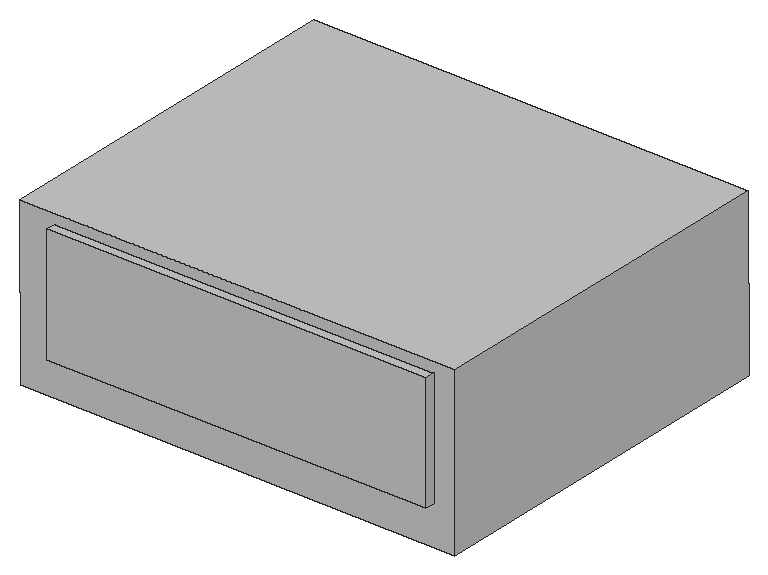
Revit family "Indoor_Unit-VRF-DOAS-8Ton-208_230V", category Mechanical Equipment, Revit 2014
Parameters (values of type "8 Ton - 208V /1PH 60Hz")
  Width = 50"
  Voltage = 208 V
  URL = "http://www.johnsoncontrols.com"
  Type Comments = "8 Ton Unit - 208V"
  Total Static Pressure = 1.06 in-wg
  Supply Air Flow [instance] = 0 CFM
  Supply Air Connection Width = 43 9/16"
  Supply Air Connection Height = 13 7/16"
  Sound Pressure Level = "50 dB"
  Show Clearance [instance] = no
  Return Air Flow [instance] = 0 CFM
  Return Air Connection Width = 43 3/8"
  Return Air Connection Height = 16 7/16"
  Refrigerant Used = "R410A"  # constant formula
  Product Page URL = "http://www.johnsoncontrols.com/content/us/en/products/building_efficiency/products-and-systems/integrated_hvac_systems/Industrial___Commercial_HVAC_Equipment/Variable_Refrigerant_Flow_Systems_.html"
  Product Documentation Link = "http://www.johnsoncontrols.com/~/media/jci/be/united-states/hvac-equipment/variable-refrigerant-flow/files/2016-york-vrf-catalog_050216-final-v5-digital-single-pgs.pdf"
  Power Factor = 1
  Pipe Left Offset Liquid = 2 3/8"
  Pipe Left Offset Gas = 2 9/16"
  Pipe Left Offset Drain = 2 1/2"
  Pipe Height Inset Liquid = 8 11/16"
  Pipe Height Inset Gas = 6 7/8"
  Pipe Height Inset Drain = 7 7/16"
  Pipe Front Inset Liquid = 13 5/8"
  Pipe Front Inset Gas = 9 15/16"
  Pipe Front Inset Drain = 18 7/16"
  Phase = 1
  Nominal Heating Capacity = 60000.0 Btu/h
  Nominal Cooling Capacity = 96000.0 Btu/h
  Net Weight = 247.00 lbf
  Model = "(Y,H)DOA096B21S"
  Minimum Circuit Ampacity = 4.3 A
  Manufacturer = "Johnson Controls Inc."  # constant formula
  Liquid Line Radius = Liquid Connection Diameter / 2  # 3/16"
  Liquid Connection Diameter = 3/8"
  Height = 19 1/8"
  Heating Nominal Input Power = 180 W
  Gas Line Radius = Gas Connection Diameter / 2  # 3/8"
  Gas Connection Diameter = 3/4"
  Full Load Current = 3.4 A
  Frequency = 60 Hz  # constant formula
  Frame Finish = Metal - JCI - Steel - Galvanized - 18ga
  Electrical Box Inset Back = 1 27/32"
  Electrical Box Depth = 8 17/32"
  Drain Pipe Radius = Drain Connection Size / 2  # 5/8"
  Drain Connection Size = 1 1/4"  # constant formula
  Description = "VRF Indoor Unit for Dedicated Outdoor Air System (DOAS)"  # constant formula
  Depth = 44 1/8"
  Copyright © = "2016 Johnson Controls Inc."  # constant formula
  Cooling Nominal Input Power = 180 W
  Clearance Offset Top [instance] = 0"
  Clearance Offset Right [instance] = 23 5/8"
  Clearance Offset Left [instance] = 31 1/2"
  Clearance Offset Front [instance] = 39 3/8"
  Clearance Offset Bottom [instance] = 0"
  Clearance Offset Back [instance] = 39 3/8"
  CTRL Frame Thickness Bottom = 4 1/2"
  Apparent Load = 0 VA
  Air Flow Rate = 1236 CFM
Types (3): name | Voltage | Type Comments | Total Static Pressure | Sound Pressure Level
  (no name) | 208 V | "8 Ton Unit - 208V" | 1.06 in-wg | "50 dB"
  8 Ton - 208V /1PH 60Hz | 208 V | "8 Ton Unit - 208V" | 1.06 in-wg | "50 dB"
  8 Ton - 230V /1PH 60Hz | 230 V | "8 Ton Unit - 230V" | 1.24 in-wg | "51 dB"
Reference planes (in)
  plane 1 "Center (Front/Back)": y = 0
  plane 2: z = 0
  plane 3 "Center (Left/Right)": x = 0
  plane 4 "Back": y = 22.0625
  plane 5 "Front": y = -22.0625
  plane 6 "Left": x = -25
  plane 7 "Right": x = 25
  plane 8 "Bottom": z = 0
  plane 9 "Top": z = 19.125
  plane 10 "Clearance Offset Back": y = 61.4375
  plane 11 "Clearance Offset Front": y = -61.4375
  plane 12 "Clearance Offset Right": x = 48.625
  plane 13 "Clearance Offset Left": x = -56.5
  plane 14 "Clearance Offset Top": z = 19.125
  plane 15 "Clearance Offset Bottom": z = 0
  plane 16 "Electric Box Back": y = 20.21875
  plane 17 "Liquid F/B": y = -8.4375
  plane 18 "Gas F/B": y = -12.125
  plane 19 "Drain  F/B": y = -3.625
  plane 20 "Gas Right": x = 27.5625
  plane 21 "Drain Right": x = 27.5
  plane 22 "Liquid Right": x = 27.375
  plane 23 "Gas T/B": z = 6.875
  plane 24 "Drain T/B": z = 7.4375
  plane 25 "Return Air Bottom": z = 1.3125
  plane 26 "Liquid T/B": z = 8.6875
  plane 27 "Return Air Top": z = 17.75
  plane 28 "Supply Air Left": x = -21.0625
  plane 29 "Supply Air Right": x = 22.5
  plane 30 "Supply Air Bottom": z = 4.5
  plane 31 "Supply Air Top": z = 17.9375
  plane 32 "Return Air Left": x = -20.625
  plane 33 "Return Air Right": x = 22.75
  plane 34 "Electric Box Right": x = 27.9375
  plane 35 "Electric Box Front": y = 11.6875
  plane 36 "Front Inset": y = -20.9375
  plane 37 "Back Inset": y = 21.1875
  plane 38 "Gas Left": x = -27.5625
  plane 39 "Drain Left": x = -27.5
  plane 40 "Liquid Left": x = -27.375
  plane 41 "Electric Box Left": x = -20.625
  plane 42 "Electric Box Bottom": z = 1.75
  plane 43 "Electric Box Top": z = 17.125
Forms (in)
  Extrusion 1, solid, material "Clearance", visible <- "Show Clearance"
    sketch origin (0.66404, -0.08612, -25.64456) x (-1, 0, 0) y (0, -1, 0)
      loop
        line (57.16404, -61.52362) -> (57.16404, 61.35138) -> (-47.96096, 61.35138) -> (-47.96096, -61.52362) -> (57.16404, -61.52362)
    from 25.64456 to 44.76956
  Extrusion 2, solid, material "Metal - JCI - Steel - Galvanized - 18ga" <- "Frame Finish"
    sketch origin (0, 9.72082, -25.64456) x (1, 0, 0) y (0, 0, 1)
      loop
        line (-25, 44.76956) -> (-25, 25.64456) -> (25, 25.64456) -> (25, 44.76956) -> (-25, 44.76956)
    from -11.46668 to 30.65832
  Sweep 3, solid, material "Metal - JCI - Steel - Galvanized - 18ga" <- "Frame Finish"
    path origin (0, 0, 8.6875) x (-1, 0, 0) y (0, -1, 0)
      loop
        line (25, 8.4375) -> (27.375, 8.4375)
    profile origin (-26.1875, -8.4375, 8.6875) x (0, -1, 0) y (0, 0, 1)
      loop
        circle (0, 0) r 0.1875
  Sweep 4, solid, material "Metal - JCI - Steel - Galvanized - 18ga" <- "Frame Finish"
    path origin (0, 0, 6.875) x (-1, 0, 0) y (0, -1, 0)
      loop
        line (25, 12.125) -> (27.5625, 12.125)
    profile origin (-26.28125, -12.125, 6.875) x (0, -1, 0) y (0, 0, 1)
      loop
        circle (0, 0) r 0.375
  Sweep 5, solid, material "Metal - JCI - Steel - Galvanized - 18ga" <- "Frame Finish"
    path origin (0, 0, 7.4375) x (-1, 0, 0) y (0, -1, 0)
      loop
        line (25, 3.625) -> (27.5, 3.625)
    profile origin (-26.25, -3.625, 7.4375) x (0, -1, 0) y (0, 0, 1)
      loop
        circle (0, 0) r 0.625
  Extrusion 6, solid, material "Metal - JCI - Steel - Galvanized - 18ga" <- "Frame Finish"
    sketch origin (0, 0, 8.6875) x (-1, 0, 0) y (0, -1, 0)
      loop
        line (20.625, -20.21875) -> (25, -20.21875) -> (25, -11.6875) -> (20.625, -11.6875) -> (20.625, -20.21875)
    from -6.9375 to 8.4375
  Extrusion 7, solid, material "Metal - JCI - Steel - Galvanized - 18ga" <- "Frame Finish"
    sketch origin (2.5, 11.97082, -25.64456) x (1, 0, 0) y (0, 0, 1)
      loop
        line (-23.125, 43.39456) -> (-23.125, 26.95706) -> (20.25, 26.95706) -> (20.25, 43.39456) -> (-23.125, 43.39456)
    from -10.09168 to -9.21668
  Extrusion 8, solid, material "Metal - JCI - Steel - Galvanized - 18ga" <- "Frame Finish"
    sketch origin (1.5, -27.02918, -25.64456) x (1, 0, 0) y (0, 0, 1)
      loop
        line (-22.5625, 43.58206) -> (-22.5625, 30.14456) -> (21, 30.14456) -> (21, 43.58206) -> (-22.5625, 43.58206)
    from -6.09168 to -4.96668
Lines and regions (in)
  Masking region 1
    outline origin (0, 0, 8.6875) x (-1, 0, 0) y (0, -1, 0)
      loop
        line (25, -21.1875) -> (25, 20.9375) -> (21.0625, 20.9375) -> (21.0625, 22.0625) -> (-22.5, 22.0625) -> (-22.5, 20.9375) -> (-25, 20.9375) -> (-25, -21.1875) -> (-22.75, -21.1875) -> (-22.75, -22.0625) -> (20.625, -22.0625) -> (20.625, -21.1875) -> (25, -21.1875)
  Masking region 2
    outline origin (2.25, 0.5, 8.6875) x (-1, 0, 0) y (0, -1, 0)
      loop
        line (29.625, 9.125) -> (27.25, 9.125) -> (27.25, 8.75) -> (29.625, 8.75) -> (29.625, 9.125)
  Split face 1
    outline origin (0, -20.9375, -25.64456) x (1, 0, 0) y (0, 0, 1)
      loop
        line (-21.0625, 43.58206) -> (-21.0625, 30.14456) -> (22.5, 30.14456) -> (22.5, 43.58206) -> (-21.0625, 43.58206)
  Split face 2
    outline origin (0, 21.1875, -25.64456) x (1, 0, 0) y (0, 0, 1)
      loop
        line (22.75, 43.39456) -> (-20.625, 43.39456) -> (-20.625, 26.95706) -> (22.75, 26.95706) -> (22.75, 43.39456)
  Masking region 3
    outline origin (8.5, -5.25, 8.6875) x (-1, 0, 0) y (0, -1, 0)
      loop
        line (29.125, -25.46875) -> (33.5, -25.46875) -> (33.5, -16.9375) -> (29.125, -16.9375) -> (29.125, -25.46875)
  Masking region 4
    outline origin (0, 0, 6.875) x (-1, 0, 0) y (0, -1, 0)
      loop
        line (27.5625, 12.5) -> (25, 12.5) -> (25, 11.75) -> (27.5625, 11.75) -> (27.5625, 12.5)
  Masking region 5
    outline origin (0, 0, 7.4375) x (-1, 0, 0) y (0, -1, 0)
      loop
        line (27.5, 4.25) -> (25, 4.25) -> (25, 3) -> (27.5, 3) -> (27.5, 4.25)
  model lines
    curve 1: line (-27.375, -8.4375, 8.6875) -> (-25, -8.4375, 8.6875)
    curve 14: line (-25, -12.125, 6.875) -> (-27.5625, -12.125, 6.875)
    curve 15: line (-25, -3.625, 7.4375) -> (-27.5, -3.625, 7.4375)
  model lines, style "Clearance", visible <- "Show Clearance"
    curve 2: line (48.625, -61.4375, 19.125) -> (-56.5, -61.4375, 19.125)
    curve 3: line (-56.5, -61.4375, 19.125) -> (-56.5, -61.4375, 0)
    curve 4: line (-56.5, -61.4375, 0) -> (48.625, -61.4375, 0)
    curve 5: line (48.625, -61.4375, 0) -> (48.625, -61.4375, 19.125)
    curve 6: line (-56.5, 61.4375, 19.125) -> (48.625, 61.4375, 19.125)
    curve 7: line (48.625, 61.4375, 19.125) -> (48.625, 61.4375, 0)
    curve 8: line (48.625, 61.4375, 0) -> (-56.5, 61.4375, 0)
    curve 9: line (-56.5, 61.4375, 0) -> (-56.5, 61.4375, 19.125)
    curve 10: line (-56.5, -61.4375, 19.125) -> (-56.5, 61.4375, 19.125)
    curve 11: line (-56.5, 61.4375, 0) -> (-56.5, -61.4375, 0)
    curve 12: line (48.625, 61.4375, 19.125) -> (48.625, -61.4375, 19.125)
    curve 13: line (48.625, -61.4375, 0) -> (48.625, 61.4375, 0)
Dimensions and locks (in)
  "Width": plane 6 "Left" to plane 7 "Right"
  "Depth": plane 4 "Back" to plane 5 "Front"
  "Height": plane 9 "Top" to plane 8 "Bottom"
  "Clearance Offset Bottom": plane 8 "Bottom" to plane 15 "Clearance Offset Bottom"
  "Clearance Offset Back": plane 10 "Clearance Offset Back" to plane 4 "Back"
  "Clearance Offset Front": plane 11 "Clearance Offset Front" to plane 5 "Front"
  "Clearance Offset Left": plane 13 "Clearance Offset Left" to plane 6 "Left"
  "Clearance Offset Right": plane 7 "Right" to plane 12 "Clearance Offset Right"
  "Clearance Offset Top": plane 14 "Clearance Offset Top" to plane 9 "Top"
  equal spacing: plane 5 "Front", plane 1 "Center (Front/Back)", plane 4 "Back"
  equal spacing: plane 6 "Left", plane 3 "Center (Left/Right)", plane 7 "Right"
  "CTRL Frame Thickness Bottom": plane 30 "Supply Air Bottom" to plane 8 "Bottom"
  locked: plane 6 "Left" to plane 28 "Supply Air Left" at 3.9375
  "Supply Air Connection Height": plane 31 "Supply Air Top" to plane 30 "Supply Air Bottom"
  "Supply Air Connection Width": plane 28 "Supply Air Left" to plane 29 "Supply Air Right"
  locked: plane 6 "Left" to plane 32 "Return Air Left" at 4.375
  "Return Air Connection Width": plane 33 "Return Air Right" to plane 32 "Return Air Left"
  locked: plane 25 "Return Air Bottom" to plane 8 "Bottom" at 1.3125
  "Return Air Connection Height": plane 27 "Return Air Top" to plane 25 "Return Air Bottom"
  "Pipe Left Offset Liquid": plane 7 "Right" to plane 22 "Liquid Right"
  "Pipe Left Offset Gas": plane 7 "Right" to plane 20 "Gas Right"
  "Pipe Left Offset Drain": plane 7 "Right" to plane 21 "Drain Right"
  "Pipe Front Inset Liquid": plane 5 "Front" to plane 17 "Liquid F/B"
  "Pipe Front Inset Gas": plane 5 "Front" to plane 18 "Gas F/B"
  "Pipe Front Inset Drain": plane 5 "Front" to plane 19 "Drain  F/B"
  "Pipe Height Inset Drain": plane 24 "Drain T/B" to plane 8 "Bottom"
  "Pipe Height Inset Gas": plane 23 "Gas T/B" to plane 8 "Bottom"
  "Pipe Height Inset Liquid": plane 26 "Liquid T/B" to plane 8 "Bottom"
  locked: plane 7 "Right" to plane 34 "Electric Box Right" at 2.9375
  "Electrical Box Depth": plane 35 "Electric Box Front" to plane 16 "Electric Box Back"
  "Electrical Box Inset Back": plane 4 "Back" to plane 16 "Electric Box Back"
  locked: plane 5 "Front" to plane 36 "Front Inset" at 1.125
  locked: plane 4 "Back" to plane 37 "Back Inset" at 0.875
  locked: plane 6 "Left" to plane 41 "Electric Box Left" at 4.375
  "Pipe Left Offset Gas": plane 38 "Gas Left" to plane 6 "Left"
  "Pipe Left Offset Liquid": plane 40 "Liquid Left" to plane 6 "Left"
  "Pipe Left Offset Drain": plane 39 "Drain Left" to plane 6 "Left"
  locked: plane 42 "Electric Box Bottom" to plane 8 "Bottom" at 1.75
  locked: plane 9 "Top" to plane 43 "Electric Box Top" at 2
  "Liquid Line Radius": radius of Sweep 3 sketch curve
  "Gas Line Radius": radius of Sweep 4 sketch curve
  "Drain Pipe Radius": radius of Sweep 5 sketch curve
  aligned and locked: level to plane 2
  aligned and locked: Extrusion 1 to plane 13 "Clearance Offset Left"
  aligned and locked: Extrusion 1 to plane 12 "Clearance Offset Right"
  aligned and locked: Extrusion 1 to plane 11 "Clearance Offset Front"
  aligned and locked: plane 10 "Clearance Offset Back" to Extrusion 1
  aligned and locked: plane 14 "Clearance Offset Top" to Extrusion 1
  aligned and locked: Extrusion 1 to plane 15 "Clearance Offset Bottom"
  aligned and locked: Extrusion 2 sketch curve to plane 9 "Top"
  aligned and locked: Extrusion 2 sketch curve to plane 7 "Right"
  aligned and locked: plane 8 "Bottom" to Extrusion 2 sketch curve
  aligned and locked: Extrusion 2 sketch curve to plane 6 "Left"
  aligned and locked: plane 17 "Liquid F/B" to Sweep 3 sketch curve
  aligned and locked: plane 26 "Liquid T/B" to Sweep 3 sketch curve
  aligned and locked: Sweep 3 sketch curve to plane 17 "Liquid F/B"
  aligned and locked: plane 23 "Gas T/B" to Sweep 4 sketch curve
  aligned and locked: plane 24 "Drain T/B" to Sweep 5 sketch curve
  aligned and locked: Masking region 1 sketch curve to plane 7 "Right"
  aligned and locked: Masking region 1 sketch curve to plane 6 "Left"
  aligned and locked: Masking region 2 sketch curve to Sweep 3  (x2)
  aligned and locked: Split face 1 sketch curve to plane 31 "Supply Air Top"
  aligned and locked: Split face 1 sketch curve to plane 29 "Supply Air Right"
  aligned and locked: plane 30 "Supply Air Bottom" to Split face 1 sketch curve
  aligned and locked: Split face 1 sketch curve to plane 28 "Supply Air Left"
  aligned and locked: plane 27 "Return Air Top" to Split face 2 sketch curve
  aligned and locked: plane 32 "Return Air Left" to Split face 2 sketch curve
  aligned and locked: Split face 2 sketch curve to plane 25 "Return Air Bottom"
  aligned and locked: plane 33 "Return Air Right" to Split face 2 sketch curve
  aligned and locked: plane 19 "Drain  F/B" to Sweep 5 sketch curve
  aligned and locked: Sweep 5 sketch curve to plane 19 "Drain  F/B"
  aligned and locked: plane 18 "Gas F/B" to Sweep 4 sketch curve
  aligned and locked: Sweep 4 sketch curve to plane 18 "Gas F/B"
  aligned and locked: plane 16 "Electric Box Back" to Extrusion 6 sketch curve
  aligned and locked: Extrusion 6 sketch curve to plane 35 "Electric Box Front"
  aligned and locked: plane 16 "Electric Box Back" to Masking region 3 sketch curve
  aligned and locked: Masking region 3 sketch curve to plane 35 "Electric Box Front"
  aligned and locked: Masking region 4 sketch curve to Sweep 4  (x2)
  aligned and locked: Masking region 5 sketch curve to Sweep 5  (x2)
  aligned and locked: curve 2 to Extrusion 1
  aligned and locked: curve 3 to Extrusion 1
  aligned and locked: curve 4 to Extrusion 1
  aligned and locked: curve 5 to Extrusion 1
  aligned and locked: curve 6 to Extrusion 1
  aligned and locked: curve 7 to Extrusion 1
  aligned and locked: curve 8 to Extrusion 1
  aligned and locked: curve 9 to Extrusion 1
  aligned and locked: curve 10 to Extrusion 1
  aligned and locked: curve 11 to Extrusion 1
  aligned and locked: curve 12 to Extrusion 1
  aligned and locked: curve 13 to Extrusion 1
  aligned and locked: plane 37 "Back Inset" to Extrusion 2
  aligned and locked: plane 36 "Front Inset" to Extrusion 2
  aligned and locked: Masking region 1 sketch curve to plane 36 "Front Inset"  (x2)
  aligned and locked: Masking region 1 sketch curve to plane 28 "Supply Air Left"
  aligned and locked: plane 29 "Supply Air Right" to Masking region 1 sketch curve
  aligned and locked: Masking region 1 sketch curve to plane 37 "Back Inset"  (x2)
  aligned and locked: Masking region 1 sketch curve to plane 4 "Back"
  aligned and locked: plane 32 "Return Air Left" to Masking region 1 sketch curve
  aligned and locked: Masking region 1 sketch curve to plane 33 "Return Air Right"
  aligned and locked: Masking region 1 sketch curve to plane 5 "Front"
  aligned and locked: Extrusion 7 sketch curve to plane 32 "Return Air Left"
  aligned and locked: Extrusion 7 sketch curve to plane 33 "Return Air Right"
  aligned and locked: Extrusion 7 sketch curve to plane 27 "Return Air Top"
  aligned and locked: plane 25 "Return Air Bottom" to Extrusion 7 sketch curve
  aligned and locked: Extrusion 7 to plane 37 "Back Inset"
  aligned and locked: plane 4 "Back" to Extrusion 7
  aligned and locked: plane 30 "Supply Air Bottom" to Extrusion 8 sketch curve
  aligned and locked: Extrusion 8 sketch curve to plane 28 "Supply Air Left"
  aligned and locked: Extrusion 8 sketch curve to plane 31 "Supply Air Top"
  aligned and locked: Extrusion 8 sketch curve to plane 29 "Supply Air Right"
  aligned and locked: plane 5 "Front" to Extrusion 8
  aligned and locked: Extrusion 8 to plane 36 "Front Inset"
  aligned and locked: plane 6 "Left" to curve 1
  aligned and locked: plane 40 "Liquid Left" to curve 1
  aligned and locked: plane 6 "Left" to curve 14
  aligned and locked: plane 38 "Gas Left" to curve 14
  aligned and locked: plane 6 "Left" to curve 15
  aligned and locked: curve 15 to plane 19 "Drain  F/B"
  aligned and locked: curve 14 to plane 18 "Gas F/B"
  aligned and locked: plane 17 "Liquid F/B" to curve 1
  aligned and locked: plane 39 "Drain Left" to curve 15
  aligned and locked: plane 41 "Electric Box Left" to Masking region 3 sketch curve
  aligned and locked: plane 6 "Left" to Masking region 3 sketch curve
  aligned and locked: plane 39 "Drain Left" to Masking region 5 sketch curve
  aligned and locked: plane 6 "Left" to Masking region 5 sketch curve
  aligned and locked: plane 38 "Gas Left" to Masking region 4 sketch curve
  aligned and locked: plane 6 "Left" to Masking region 4 sketch curve
  aligned and locked: Masking region 2 sketch curve to plane 40 "Liquid Left"
  aligned and locked: plane 6 "Left" to Masking region 2 sketch curve
  aligned and locked: plane 40 "Liquid Left" to Sweep 3 sketch curve
  aligned and locked: plane 6 "Left" to Sweep 3 sketch curve
  aligned and locked: plane 38 "Gas Left" to Sweep 4 sketch curve
  aligned and locked: plane 6 "Left" to Sweep 4 sketch curve
  aligned and locked: plane 6 "Left" to Sweep 5 sketch curve
  aligned and locked: plane 39 "Drain Left" to Sweep 5 sketch curve
  aligned and locked: plane 6 "Left" to Extrusion 6 sketch curve
  aligned and locked: plane 41 "Electric Box Left" to Extrusion 6 sketch curve
  aligned and locked: Extrusion 6 to plane 42 "Electric Box Bottom"
  aligned and locked: plane 43 "Electric Box Top" to Extrusion 6
Automatic sketch dimensions
  Extrusion 1 sketch curve to plane 10 "Clearance Offset Back" = 0"
  Extrusion 1 sketch curve to plane 12 "Clearance Offset Right" = 0"
  Extrusion 1 sketch curve to plane 11 "Clearance Offset Front" = 0"
  Extrusion 1 sketch curve to plane 13 "Clearance Offset Left" = 0"
  curve 11 to Extrusion 1 = 0"  (x2)
  curve 10 to Extrusion 1 = 0"  (x2)
  curve 13 to Extrusion 1 = 0"  (x2)
  curve 12 to Extrusion 1 = 0"  (x2)
Connectors (in)
  piping at (-27.375, -8.4375, 8.6875), diameter 0.375, driven by "Liquid Line Radius"
    settings: on Sweep 3, index 2, connector inside diameter 3/8", connector length 0", flow factor 0, pipe flow 0 GPM, pressure drop 0.00 psi, fitting loss kfactor 0, connector angle 0.00°, fixture units 0, engagement length 0", angle of deflection 0.00°, flow configuration 0, flow direction 0, fitting loss method 0, system type 29, joint type 0, gender type 0, connector reference index -1, connector utility 0, adjustable connector no, is connector primary yes, connector description "Liquid"
  piping at (-27.5, -3.625, 7.4375), diameter 1.25, driven by "Drain Pipe Radius"
    settings: on Sweep 5, index 3, connector inside diameter 1 1/4", connector length 0", flow factor 0, pipe flow 0 GPM, pressure drop 0.00 psi, fitting loss kfactor 0, connector angle 0.00°, fixture units 0, engagement length 0", angle of deflection 0.00°, flow configuration 0, flow direction 0, fitting loss method 0, system type 29, joint type 0, gender type 0, connector reference index -1, connector utility 0, adjustable connector no, is connector primary no, connector description "Drain"
  piping at (-27.5625, -12.125, 6.875), diameter 0.75, driven by "Gas Line Radius"
    settings: on Sweep 4, index 4, connector inside diameter 5/8", connector length 0", flow factor 0, pipe flow 0 GPM, pressure drop 0.00 psi, fitting loss kfactor 0, connector angle 0.00°, fixture units 0, engagement length 0", angle of deflection 0.00°, flow configuration 0, flow direction 0, fitting loss method 0, system type 29, joint type 0, gender type 0, connector reference index -1, connector utility 0, adjustable connector no, is connector primary no, connector description "Gas"
  hvac at (0.71875, -20.9375, 11.21875), driven by "Supply Air Connection Height", driven by "Supply Air Connection Width", driven by "Supply Air Flow"
    settings: on Extrusion 2, index 5, duct flow 0 CFM, flow factor 0, pres drop 0.00 in-wg, loss coef 0, conn angle 0.00°, conn width 43 9/16", conn height 13 7/16", conn diameter 24", duct sys type 1, conn prof type 1, flow config 0, flow direction 2, loss method 0, conn ref index -1, conn util no, is conn primary yes, conn desc "Supply Air Connection"
  hvac at (1.0625, 21.1875, 9.53125), driven by "Return Air Connection Height", driven by "Return Air Connection Width", driven by "Return Air Flow"
    settings: on Extrusion 2, index 6, duct flow 0 CFM, flow factor 0, pres drop 0.00 in-wg, loss coef 0, conn angle 0.00°, conn width 43 3/8", conn height 16 7/16", conn diameter 24", duct sys type 2, conn prof type 1, flow config 0, flow direction 1, loss method 0, conn ref index -1, conn util no, is conn primary no, conn desc "Return Air Connection"
  electrical at (-25, 15.95312, 9.4375), driven by "Voltage", driven by "Apparent Load", driven by "Power Factor"
    settings: on Extrusion 6, index 7, voltage 208 V, apparent load 0 VA, apparent load phase1 0 VA, apparent load phase2 0 VA, apparent load phase3 0 VA, power factor 1, load classification "HVAC", number of poles 1, system type 30, power factor state 1, is connector primary yes, connector utility no, sub classification motor no, connector description "Power Supply"
